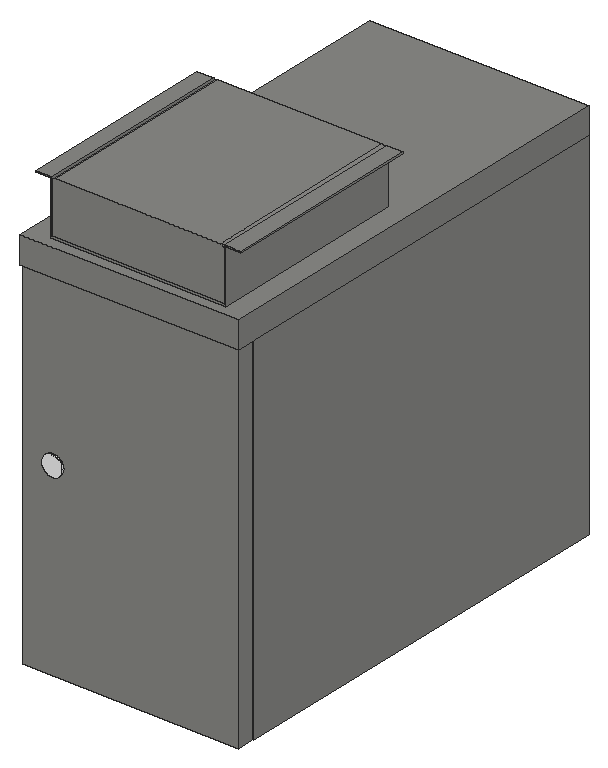
Revit family "Ledger_Pedestals-Teknion-LSPC_Suspended Personal Cubby-R2016", category Furniture, Revit 2016
Family settings
  OmniClass Number = 23.40.20.00
  OmniClass Title = General Furniture and Specialties
  Work Plane-Based = No
  Always vertical = Yes
  Cut with Voids When Loaded = No
  Shared = Yes
  Room Calculation Point = No
Parameters (values of type "Door, 20"d, 10"w, Height-Adjustable Mounting Bracket")
  Warranty = "http://www.teknion.com/ca/papers/legal-canada"
  Unit Weight URL = "http://www.teknion.com/ca/tools/assets#&asset=bee6a381-b954-425e-8283-5a2de3a804f2,f828d448-4b62-4231-9e5f-9a8991c0ed77"
  URL = "www.teknion.com"
  To render please download texture images found here [instance] = "https://assets.teknion.com/web/5e81352c1dfdb467/revit-material-swatches/"
  Sustainability Data = "https://www.teknion.com/ca/tools/assets#&topic=216f99a5-57a0-44fc-b10a-9dee9b29ae4c&asset=444deb64-fe58-4b68-981e-f75e97781df7,b4ff2d81-9f2e-437d-9659-7cffb09c31cf"
  Series = "Ledger"  # constant formula
  Product Page URL = "https://www.teknion.com/ca/products/product-details?productLineId=1293336e-8e7a-673b-a6c8-ff00004460c4"
  Product Line = "Filing & Storage"  # constant formula
  Product Documentation Link = "https://www.teknion.com/pricing/filing-storage/pdfs/LSPC_ppg.pdf"
  Part Number = "LSPC"
  Model = "LSPCD2010H_"
  Manufacturer Phone = "416-661-3370"  # constant formula
  Manufacturer Fax = "416.661.4586"  # constant formula
  Manufacturer Contact Information = "http://www.teknion.com/ca/contactus"
  Manufacturer Address = "1150 Flint Road, Toronto, ON. M3J 2J5. Canada"  # constant formula
  Manufacturer = "Teknion"  # constant formula
  How To Use Teknion Materials User Guide [instance] = "https://assets.teknion.com/m/205dd0a49fa58060/original/How-to-add-a-Material-Library-and-Texture-Images-to-your-Revit-project.pdf"
  Height [instance] = 29.000"
  Front Finish [instance] = Paint - Teknion - Mica - Anthracite
  For Additional Finishes please visit [instance] = "https://assets.teknion.com/m/44a8009b046e5d47/original/Teknion_Materials_Library.zip"
  Description = "Suspended Personal Cubby, Door Configuration, 20\" Depth, 10\" Width, Height-Adjustable Mounting Bracket"
  Case Finish [instance] = Paint - Teknion - Mica - Anthracite
  Assembly Code = "E2020200"
Reference planes (in)
  plane 1 "Center Front/Back": y = -2.83603
  plane 2: z = 0
  plane 3 "Center Left/Right": x = -0.14657
  plane 4 "Left": x = -5.14657
  plane 5 "Right": x = 4.85343
  plane 6 "Back": y = 7.16397
  plane 7 "Front": y = -12.83603
  plane 8 "Top": z = 28
  plane 9: z = 25.5
  plane 10: z = 24.275
  plane 11: z = 7.91001
  plane 12: z = 8.76601
  plane 13: z = 23.59551
  plane 14: x = -4.14657
  plane 15: x = 3.85343
  plane 16: x = -4.72167
  plane 17: x = 4.42043
  plane 18: y = -12.01703
  plane 19: y = -12.77203
  plane 20: x = -5.0838
  plane 21: x = 4.78643
  plane 22: y = -11.96103
  plane 23: z = 29
  plane 24: x = -4.09857
  plane 25: x = 3.80543
  plane 26: z = 25.579
  plane 27: y = -3.08603
  plane 28: y = -12.33603
Forms (in)
  Sweep 1, solid, material "Paint - Teknion - Mica - Anthracite" <- "Front Finish"
    path origin (0, -2.83603, 0) x (1, 0, 0) y (0, 0, 1)
      loop
        line (-0.14657, 7.91001) -> (-0.14657, 24.275)
    profile origin (-0.14657, -2.83603, 16.0925) x (-1, 0, 0) y (0, -1, 0)
      loop
        line (4.93723, 9.936) -> (-4.933, 9.936) -> (-4.933, 9.181) -> (4.55723, 9.181) -> (4.93723, 9.561) -> (4.93723, 9.936)
  Sweep 2, solid, material "Paint - Teknion - Mica - Anthracite" <- "Case Finish"
    path origin (0, -2.83603, 0) x (1, 0, 0) y (0, 0, 1)
      loop
        line (-0.14657, 24.275) -> (-0.14657, 7.91001)
    profile origin (-0.14657, -2.83603, 16.0925) x (0, -1, 0) y (1, 0, 0)
      loop
        line (-10, -5) -> (9.125, -5) -> (9.125, 5) -> (-10, 5) -> (-10, -5)
  Sweep 3, solid, material "Paint - Teknion - Mica - Anthracite" <- "Case Finish"
    path origin (0, -2.83603, 0) x (1, 0, 0) y (0, 0, 1)
      loop
        line (-0.14657, 25.5) -> (-0.14657, 24.275)
    profile origin (-0.14657, -2.83603, 24.8875) x (0, -1, 0) y (1, 0, 0)
      loop
        line (-10, -5) -> (10, -5) -> (10, 5) -> (-10, 5) -> (-10, -5)
  Sweep 4, solid, material "Paint - Teknion - Mica - Anthracite" <- "Case Finish"
    path origin (0, 0, 0) x (1, 0, 0) y (0, 1, 0)
      loop
        line (-0.14657, -3.08603) -> (-0.14657, -12.33603)
    profile origin (-0.14657, -7.71103, 0) x (1, 0, 0) y (0, 0, 1)
      loop
        line (-4.702, 27.952) -> (-4, 27.952) -> (-4, 25.5) -> (4, 25.5) -> (4, 27.952) -> (4.702, 27.952) -> (4.702, 28) -> (3.952, 28) -> (3.952, 25.579) -> (-3.952, 25.579) -> (-3.952, 28) -> (-4.702, 28) -> (-4.702, 27.952)
  Sweep 5, solid, material "Paint - Teknion - Mica - Anthracite" <- "Case Finish"
    path origin (0, 0, 0) x (1, 0, 0) y (0, 1, 0)
      loop
        line (-0.14657, -3.08603) -> (-0.14657, -12.33603)
    profile origin (-0.14657, -7.71103, 0) x (1, 0, 0) y (0, 0, 1)
      loop
        line (-3.952, 27.89711) -> (-3.952, 25.579) -> (3.952, 25.579) -> (3.952, 27.89711)
        arc (3.952, 27.89711) -> (3.86953, 27.97131) -> (3.76236, 28) r 0.23769
        line (3.76236, 28) -> (-3.76236, 28)
        arc (-3.76236, 28) -> (-3.86953, 27.97131) -> (-3.952, 27.89711) r 0.23769
  Sweep 6, solid, material "Paint - Teknion - C - Chrome"
    path origin (0, 0, 0) x (1, 0, 0) y (0, 1, 0)
      loop
        line (-3.6838, -12.83603) -> (-3.6838, -12.77203)
    profile origin (-3.6838, -12.80403, 0) x (-1, 0, 0) y (0, 0, 1)
      loop
        circle (0, 16.53769) r 0.46765
Lines and regions (in)
  Masking region 1
    outline origin (0, 0, 0) x (1, 0, 0) y (0, 1, 0)
      loop
        line (-5.14657, 7.16397) -> (-5.14657, -12.83603) -> (4.85343, -12.83603) -> (4.85343, 7.16397) -> (-5.14657, 7.16397)
  symbolic lines
    curve 1: line (-4.09857, -12.33603, 0) -> (3.80543, -12.33603, 0)
    curve 2: line (-4.09857, -12.33603, 0) -> (-4.09857, -3.08603, 0)
    curve 3: line (-3.90893, -3.08603, 0) -> (-3.90893, -12.33603, 0)
    curve 4: line (-4.09857, -3.08603, 0) -> (3.80543, -3.08603, 0)
    curve 5: line (3.80543, -3.08603, 0) -> (3.80543, -12.33603, 0)
    curve 6: line (3.61579, -12.33603, 0) -> (3.61579, -3.08603, 0)
    curve 7: line (-4.84857, -3.08603, 0) -> (-4.09857, -3.08603, 0)
    curve 8: line (-4.84857, -3.08603, 0) -> (-4.84857, -12.33603, 0)
    curve 9: line (-4.84857, -12.33603, 0) -> (-4.09857, -12.33603, 0)
    curve 10: line (4.55543, -3.08603, 0) -> (3.80543, -3.08603, 0)
    curve 11: line (4.55543, -12.33603, 0) -> (4.55543, -3.08603, 0)
    curve 12: line (4.55543, -12.33603, 0) -> (3.80543, -12.33603, 0)
  symbolic lines, style "FurnitureHiddenLines", detail levels fine
    curve 13: line (-5.0838, -12.77203, 0) -> (4.78643, -12.77203, 0)
    curve 14: line (-5.0838, -12.39703, 0) -> (-5.0838, -12.77203, 0)
    curve 15: line (-4.7038, -12.01703, 0) -> (-5.0838, -12.39703, 0)
    curve 16: line (4.78643, -12.01703, 0) -> (-4.7038, -12.01703, 0)
    curve 17: line (4.78643, -12.77203, 0) -> (4.78643, -12.01703, 0)
    curve 23: line (-4.64657, 6.46697, 0) -> (-4.64657, 7.16397, 0)
    curve 24: line (-5.14657, 6.21697, 0) -> (-4.89657, 6.21697, 0)
    curve 25: arc (-4.89657, 6.21697, 0) -> (-4.7198, 6.29019, 0) -> (-4.64657, 6.46697, 0) r 0.25
    curve 26: line (4.35343, 6.46697, 0) -> (4.35343, 7.16397, 0)
    curve 27: line (4.85343, 6.21697, 0) -> (4.60343, 6.21697, 0)
    curve 28: arc (4.60343, 6.21697, 0) -> (4.42665, 6.29019, 0) -> (4.35343, 6.46697, 0) r 0.25
    curve 33: line (-3.21637, -12.77203, 0) -> (-3.21637, -12.83603, 0)
    curve 34: line (-4.15147, -12.77203, 0) -> (-4.15147, -12.83603, 0)
  symbolic lines, detail levels medium+fine
    curve 18: line (-5.14657, -11.96103, 0) -> (4.85343, -11.96103, 0)
  symbolic lines, style "FurnitureHiddenLines", detail levels medium+fine
    curve 19: line (-4.64657, 5.84697, 0) -> (-4.64657, -11.96103, 0)
    curve 20: line (-4.64657, 5.84697, 0) -> (-5.0838, 5.84697, 0)
    curve 21: line (4.78643, 5.84697, 0) -> (4.35343, 5.84697, 0)
    curve 22: line (4.35343, -11.96103, 0) -> (4.35343, 5.84697, 0)
    curve 29: line (4.35343, -11.42603, 0) -> (-4.64657, -11.42603, 0)
    curve 30: line (-5.05957, 6.87797, 0) -> (4.76643, 6.87797, 0)
    curve 31: line (-5.05957, 6.87797, 0) -> (-5.05957, 7.16397, 0)
    curve 32: line (4.76643, 6.87797, 0) -> (4.76643, 7.16397, 0)
Dimensions and locks (in)
  equal spacing: plane 4 "Left", plane 3 "Center Left/Right", plane 5 "Right"
  locked: plane 6 "Back" to plane 7 "Front" at 20
  "Height": plane 23 to level
  equal spacing: plane 6 "Back", plane 1 "Center Front/Back", plane 7 "Front"
  plane 8 "Top" to plane 9 to plane 10 to plane 13 to plane 12 to plane 11 = 2.500" locked, 1.225" locked, 0.67949" locked, 14.8295" locked, 0.856" locked
  plane 14 to plane 16 to plane 4 "Left" = 0.57509" locked, 0.42491" locked
  plane 5 "Right" to plane 17 to plane 15 = 0.433" locked, 0.567" locked
  plane 18 to plane 19 to plane 7 "Front" = 0.755" locked, 0.064" locked
  locked: plane 21 to plane 5 "Right" at 0.067
  locked: plane 4 "Left" to plane 20 at 0.06277
  locked: plane 18 to Sweep 1 sketch curve at 0.38
  locked: plane 20 to Sweep 1 sketch curve at 0.38
  locked: plane 22 to plane 18 at 0.056
  locked: plane 23 to plane 8 "Top" at 1
  locked: plane 15 to plane 25 at 0.048
  locked: plane 24 to plane 14 at 0.048
  locked: plane 26 to plane 9 at 0.079
  locked: plane 8 "Top" to Sweep 4 sketch curve at 0.048  (x2)
  locked: Sweep 4 sketch curve to plane 21 at 0.231
  locked: plane 20 to Sweep 4 sketch curve at 0.23523
  locked: Sweep 5 sketch curve to plane 24 at 0.19582
  locked: plane 8 "Top" to Sweep 5 sketch curve at 0.23761  (x2)
  locked: plane 25 to Sweep 5 sketch curve at 0.19582
  locked: plane 7 "Front" to plane 28 at 0.5
  locked: plane 27 to plane 28 at 9.25
  locked: plane 4 "Left" to plane 5 "Right" at 10
  locked: plane 20 to Sweep 6 sketch curve at 1.4
  locked: Sweep 6 sketch curve to plane 4 "Left" at 1.46277
  locked: plane 13 to Sweep 6 sketch curve at 7.05782
  plane 6 "Back" to curve 30 to curve 25 to curve 28 to curve 24 to curve 27 = 0.286" locked, 0.411" locked, 0.000" locked, 0.250" locked, 0.000" locked
  equal spacing: plane 20, curve 19, curve 22, plane 21
  locked: plane 20 to curve 19 at 0.43723
  locked: plane 6 "Back" to curve 20 at 1.317
  locked: plane 6 "Back" to curve 21 at 1.317
  locked: curve 22 to plane 17 at 0.067
  locked: plane 21 to curve 21 at 0
  locked: plane 20 to curve 20 at 0
  locked: curve 29 to plane 18 at 0.591
  plane 4 "Left" to curve 34 to curve 33 = 0.9951" locked, 0.9351" locked
  aligned and locked: level to plane 2
  aligned and locked: plane 18 to Sweep 1 sketch curve
  aligned and locked: Sweep 1 sketch curve to plane 19
  aligned and locked: Sweep 1 sketch curve to plane 21
  aligned and locked: plane 20 to Sweep 1 sketch curve
  aligned and locked: Sweep 2 sketch curve to plane 3 "Center Left/Right"
  aligned and locked: plane 10 to Sweep 2 sketch curve
  aligned and locked: Sweep 2 sketch curve to plane 6 "Back"
  aligned and locked: Sweep 2 sketch curve to plane 4 "Left"
  aligned and locked: Sweep 2 sketch curve to plane 5 "Right"
  aligned and locked: Sweep 2 sketch curve to plane 22
  aligned and locked: plane 11 to Sweep 2 sketch curve
  aligned and locked: Sweep 3 sketch curve to plane 6 "Back"
  aligned and locked: Sweep 3 sketch curve to plane 4 "Left"
  aligned and locked: Sweep 3 sketch curve to plane 5 "Right"
  aligned and locked: Sweep 3 sketch curve to plane 7 "Front"
  aligned and locked: plane 10 to Sweep 3 sketch curve
  aligned and locked: plane 9 to Sweep 3 sketch curve
  aligned and locked: Sweep 3 sketch curve to plane 3 "Center Left/Right"
  aligned and locked: Sweep 4 sketch curve to plane 15
  aligned and locked: Sweep 4 sketch curve to plane 8 "Top"  (x2)
  aligned and locked: Sweep 4 sketch curve to plane 9
  aligned and locked: Sweep 4 sketch curve to plane 14
  aligned and locked: Sweep 4 sketch curve to plane 24
  aligned and locked: plane 25 to Sweep 4 sketch curve
  aligned and locked: plane 26 to Sweep 4 sketch curve
  aligned and locked: Sweep 5 sketch curve to plane 24
  aligned and locked: Sweep 5 sketch curve to plane 8 "Top"
  aligned and locked: Sweep 5 sketch curve to plane 25
  aligned and locked: Sweep 5 sketch curve to plane 26
  aligned and locked: plane 27 to Sweep 4 sketch curve
  aligned and locked: plane 28 to Sweep 4 sketch curve
  aligned and locked: Sweep 4 sketch curve to plane 3 "Center Left/Right"
  aligned and locked: plane 27 to Sweep 5 sketch curve
  aligned and locked: plane 28 to Sweep 5 sketch curve
  aligned and locked: Sweep 5 sketch curve to plane 3 "Center Left/Right"
  aligned and locked: plane 7 "Front" to Sweep 6 sketch curve
  aligned and locked: plane 19 to Sweep 6 sketch curve
  aligned and locked: plane 11 to Sweep 1 sketch curve
  aligned and locked: plane 10 to Sweep 1 sketch curve
  aligned and locked: Masking region 1 sketch curve to plane 6 "Back"
  aligned and locked: Masking region 1 sketch curve to plane 4 "Left"
  aligned and locked: Masking region 1 sketch curve to plane 7 "Front"
  aligned and locked: Masking region 1 sketch curve to plane 5 "Right"
  aligned and locked: curve 1 to Sweep 5
  aligned and locked: curve 2 to Sweep 4
  aligned and locked: curve 3 to Sweep 5
  aligned and locked: curve 4 to Sweep 5
  aligned and locked: curve 5 to Sweep 4
  aligned and locked: curve 6 to Sweep 5
  aligned and locked: curve 7 to plane 27
  aligned and locked: curve 8 to Sweep 4
  aligned and locked: plane 27 to curve 10
  aligned and locked: curve 11 to Sweep 4
  aligned and locked: plane 28 to curve 12
  aligned and locked: curve 13 to Sweep 1
  aligned and locked: curve 14 to Sweep 1
  aligned and locked: curve 15 to Sweep 1
  aligned and locked: curve 16 to Sweep 1
  aligned and locked: curve 17 to Sweep 1
  aligned and locked: curve 18 to Sweep 2
  aligned and locked: plane 22 to curve 19
  aligned and locked: plane 7 "Front" to curve 33
  aligned and locked: plane 19 to curve 34
  aligned and locked: plane 7 "Front" to curve 34
Automatic sketch dimensions
  Sweep 1 sketch curve to plane 3 "Center Left/Right" = 0.000"
  Sweep 5 sketch curve to Sweep 5 sketch curve = 0.18964"  (x2)
  curve 24 to plane 4 "Left" = 0.000"
  curve 18 to plane 4 "Left" = 0.000"
  curve 31 to plane 6 "Back" = 0.000"
  curve 23 to plane 6 "Back" = 0.000"
  curve 26 to plane 6 "Back" = 0.000"
  curve 32 to plane 6 "Back" = 0.000"
  curve 18 to plane 5 "Right" = 0.000"
  curve 27 to plane 5 "Right" = 0.000"
  curve 31 to plane 20 = 0.02423"
  curve 25 to plane 16 = 0.17491"
  curve 26 to plane 17 = 0.067"
  plane 21 to curve 32 = 0.020"
  radius of Sweep 6 sketch curve = 0.46765"
